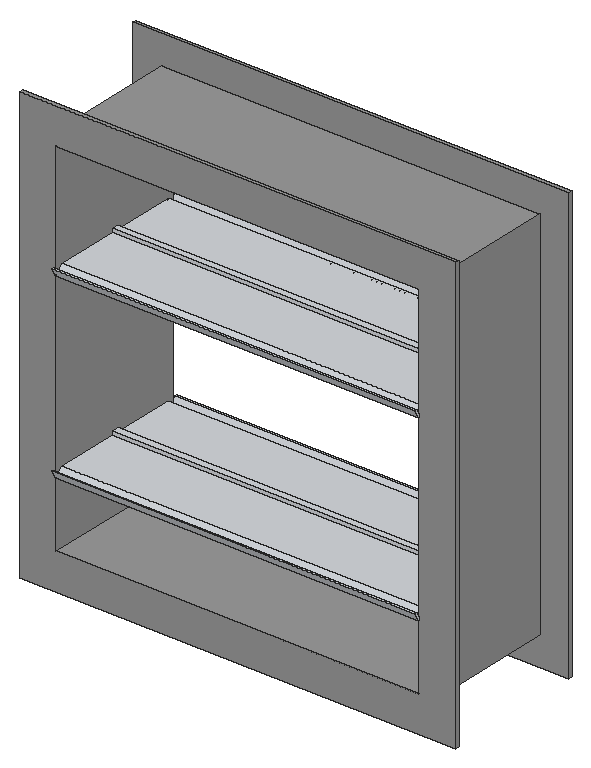
Revit family "DUA-DAM-AEC-Fire_Damper", category Duct Accessories, Revit 2016
Family settings
  Part Type = Damper
  Round Connector Dimension = Use Diameter
  OmniClass Number = 23.60.70.11.11
  OmniClass Title = Fire Dampers
  Work Plane-Based = No
  Always vertical = Yes
  Cut with Voids When Loaded = No
  Shared = No
Parameters (values of type "Standard")
  Width = Internal Width + (2 * Frame Thickness)  # 600 mm
  Symbol <Detail Items> = DTL-GNL-AEC-Spiltter_Damper : Standard
  Large Enough = ((Internal Height - 200 mm) / 200 mm) > 2  # no
  Height = Internal Height + (2 * Frame Thickness)  # 600 mm
  Frame Thickness = 50 mm
  Frame Material = Steel, Mild
  Depth = 200 mm
  Blade Offset = (Internal Height) / Blade Number  # 250 mm
  Internal Width = 500 mm
  Internal Height = 500 mm
  Blade Number = if(Large Enough, (Internal Height - 100 mm) / 200 mm, 2)  # 2
  Blade Material = Steel, Mild
  Assembly Code = ""
Reference planes
  plane 1 "Center (Front/Back)": y = 0
  plane 2: z = 0
  plane 3 "Center (Left/Right)": x = 0
  plane 4: y = -200
  plane 5: y = -100
  plane 6: z = 0
Forms (mm)
  Extrusion 1, solid, material "Steel, Mild" <- "Frame Material"
    sketch origin (-490, 0, 0) x (1, 0, 0) y (0, 0, 1)
      loop
        line (190, 300) -> (190, -300) -> (790, -300) -> (790, 300) -> (190, 300)
      loop
        line (240, 250) -> (240, -250) -> (740, -250) -> (740, 250) -> (240, 250)
    from 0 to 5
  Extrusion 2, solid, material "Steel, Mild" <- "Frame Material"
    sketch origin (-1520, -295, 0) x (1, 0, 0) y (0, 0, 1)
      loop
        line (1270, 250) -> (1270, -250) -> (1770, -250) -> (1770, 250) -> (1270, 250)
      loop
        line (1220, 300) -> (1220, -300) -> (1820, -300) -> (1820, 300) -> (1220, 300)
    from -100 to -95
  Extrusion 3, solid, material "Steel, Mild" <- "Frame Material"
    sketch origin (-1520, -195, 0) x (-1, 0, 0) y (0, 0, 1)
      loop
        line (-1270, 250) -> (-1770, 250) -> (-1770, -250) -> (-1270, -250) -> (-1270, 250)
      loop
        line (-1260, 260) -> (-1780, 260) -> (-1780, -260) -> (-1260, -260) -> (-1260, 260)
    from 0 to 190
  Extrusion 4, solid, detail levels fine
    sketch origin (250, 0, -250) x (-1, 0, 0) y (0, -1, 0)
      loop
        line (518.878, 34.07) -> (510, 34.07) -> (510, 23.818) -> (518.878, 23.818) -> (518.878, 34.07)
    from 0 to 500 <- "Internal Height"
Cuts and joins
  joined: Extrusion 1, Extrusion 2, Extrusion 3
Dimensions and locks
  "Frame Thickness": Extrusion 1 sketch curve to Extrusion 1 sketch curve  (x4)
  "Internal Width": Extrusion 1 sketch curve to Extrusion 1 sketch curve
  "Internal Height": Extrusion 1 sketch curve to Extrusion 1 sketch curve
  locked: Extrusion 1 to Extrusion 1 at 5
  equal spacing: Extrusion 1, plane 3 "Center (Left/Right)", Extrusion 1
  locked: Extrusion 2 to Extrusion 2 at 5
  "Depth": plane 4 to plane 1 "Center (Front/Back)"
  equal spacing: plane 4, plane 5, plane 1 "Center (Front/Back)"
  equal spacing: cut or joined group of Extrusion 1, Extrusion 2, Extrusion 3, plane 6, cut or joined group of Extrusion 1, Extrusion 2, Extrusion 3
  group 1 to group 2 = 0 mm  (x2)
  group 1 to group 2 = 250 mm
  locked: nested 2 to cut or joined group of Extrusion 1, Extrusion 2, Extrusion 3 at 100
  locked: nested 2 to nested 3
  "Blade Offset": nested 2 to nested 3
  aligned and locked: Extrusion 2 sketch curve to Extrusion 1  (x8)
  aligned and locked: Extrusion 3 sketch curve to Extrusion 1  (x4)
  aligned and locked: cut or joined group of Extrusion 1, Extrusion 2, Extrusion 3 to cut or joined group of Extrusion 1, Extrusion 2, Extrusion 3
  aligned and locked: plane 4 to cut or joined group of Extrusion 1, Extrusion 2, Extrusion 3
  aligned and locked: cut or joined group of Extrusion 1, Extrusion 2, Extrusion 3 to plane 1 "Center (Front/Back)"
  aligned and locked: plane 6 to plane 2
  aligned and locked: nested 1 to plane 5
  aligned and locked: plane 3 "Center (Left/Right)" to nested 1
  aligned and locked: cut or joined group of Extrusion 1, Extrusion 2, Extrusion 3 to nested 2
Automatic sketch dimensions
  Extrusion 3 sketch curve to Extrusion 2 = 10 mm  (x4)
  Extrusion 1 to Extrusion 4 sketch curve = 10 mm
  Extrusion 4 sketch curve to Extrusion 4 sketch curve = 8.878 mm
  Extrusion 4 sketch curve to Extrusion 1 = 18.818 mm
  Extrusion 4 sketch curve to Extrusion 4 sketch curve = 10.252 mm
  Extrusion 1 sketch curve to plane 3 "Center (Left/Right)" = 300 mm
  Extrusion 1 sketch curve to level = 300 mm
Nested families
  nested 1: "DTL-GNL-AEC-Spiltter_Damper" at (0, -100, 0), type <- "Symbol <Detail Items>", type "Standard"
  nested 2: "GMD-OTR-AEC-Blade" at (-250, -100, -150), type "Blade"
    with W 500 mm
  nested 3: "GMD-OTR-AEC-Blade" at (-250, -100, 100), type "Blade"
    with W 500 mm
Connectors
  hvac at (0, -200, 0), driven by "Internal Width", driven by "Internal Height"
    settings: on cut or joined group of Extrusion 1, Extrusion 2, Extrusion 3, index 1, duct flow 0.0 L/s, flow factor 0, pres drop 0.0 Pa, loss coef 0, conn angle 0.00°, conn width 500 mm, conn height 500 mm, conn diameter 609.6 mm, duct sys type 29, conn prof type 1, flow config 0, flow direction 0, loss method 0, conn ref index 2, conn util no, is conn primary yes, conn desc ""
  hvac at (0, 0, 0), driven by "Internal Height", driven by "Internal Width"
    settings: on cut or joined group of Extrusion 1, Extrusion 2, Extrusion 3, index 2, duct flow 0.0 L/s, flow factor 0, pres drop 0.0 Pa, loss coef 0, conn angle 0.00°, conn width 500 mm, conn height 500 mm, conn diameter 609.6 mm, duct sys type 29, conn prof type 1, flow config 0, flow direction 0, loss method 0, conn ref index 1, conn util no, is conn primary no, conn desc ""
Definition of nested family "GMD-OTR-AEC-Blade"
  Parameters (values of type "Blade")
    W = 900 mm
    Motor Operated Damper Louver = none
    D = 200 mm
    Assembly Code = ""
  Reference planes
    plane 1 "Center (Front/Back)": y = 0
    plane 2: z = 0
    plane 3 "Center (Left/Right)": x = 0
  Forms (mm)
    Extrusion 1, solid
      sketch origin (0, 0, 0) x (0, 1, 0) y (0, 0, 1)
        loop
          line (-90.919, 0) -> (90.919, 0) -> (100.429, -9.51) -> (107.074, 2) -> (104.765, 2) -> (100, -6.252) -> (91.748, 2) -> (5, 2) -> (5, 7) -> (-5, 7) -> (-5, 2) -> (-91.748, 2) -> (-100, -6.252) -> (-104.765, 2) -> (-107.074, 2) -> (-100.429, -9.51) -> (-90.919, 0)
      from 0 to 900
  Dimensions and locks
    "W": Extrusion 1 to Extrusion 1
    locked: Extrusion 1 sketch curve to Extrusion 1 sketch curve at 13.017  (x2)
    locked: Extrusion 1 sketch curve to Extrusion 1 sketch curve at 2.309  (x2)
    "D": Extrusion 1 sketch curve to Extrusion 1 sketch curve
    equal spacing: Extrusion 1 sketch curve, plane 1 "Center (Front/Back)", Extrusion 1 sketch curve
    aligned and locked: level to plane 2
  Automatic sketch dimensions
    Extrusion 1 sketch curve to level = 0 mm
    Extrusion 1 sketch curve to level = 9.51 mm  (x2)
    Extrusion 1 sketch curve to Extrusion 1 sketch curve = 0.429 mm  (x2)
    level to Extrusion 1 sketch curve = 2 mm  (x4)
    Extrusion 1 sketch curve to Extrusion 1 sketch curve = 4.765 mm
    Extrusion 1 sketch curve to Extrusion 1 sketch curve = 0.828 mm  (x2)
    plane 1 "Center (Front/Back)" to Extrusion 1 sketch curve = 5 mm
    Extrusion 1 sketch curve to plane 1 "Center (Front/Back)" = 5 mm
    Extrusion 1 sketch curve to Extrusion 1 sketch curve = 9.081 mm
    Extrusion 1 sketch curve to Extrusion 1 sketch curve = 3.257 mm  (x2)
    Extrusion 1 sketch curve to Extrusion 1 sketch curve = 5 mm
Definition of nested family "DTL-GNL-AEC-Spiltter_Damper"
  Parameters (values of type "Standard")
    Symbol Width = 500 mm
  Reference planes
    plane 1 "Center (Front/Back)": y = 0
    plane 2: z = 0
    plane 3 "Center (Left/Right)": x = 0
    plane 4: x = -250
    plane 5: x = 250
  Lines and regions (mm)
    detail lines, in view "Ref. Level"
      curve 1: line (250, 0, 0) -> (-250, 0, 0)
      curve 2: line (-350, 0, 0) -> (-350, 149.241, 0)
      curve 3: line (-350, 149.241, 0) -> (-500, 149.241, 0)
      curve 4: line (-250, 0, 0) -> (-350, 0, 0)
      curve 5: line (250, 0, 0) -> (350, 0, 0)
  Dimensions and locks
    locked: curve 3 to curve 2 at 150
    locked: curve 3 to plane 1 "Center (Front/Back)" at 149.241
    "Symbol Width": plane 4 to plane 5
    equal spacing: plane 4, plane 3 "Center (Left/Right)", plane 5
    locked: curve 4 to plane 4 at 100
    locked: plane 5 to curve 5 at 100
    aligned and locked: plane 4 to curve 1
    aligned and locked: plane 5 to curve 1
  Automatic sketch dimensions
    plane 1 "Center (Front/Back)" to curve 5 = 0 mm
